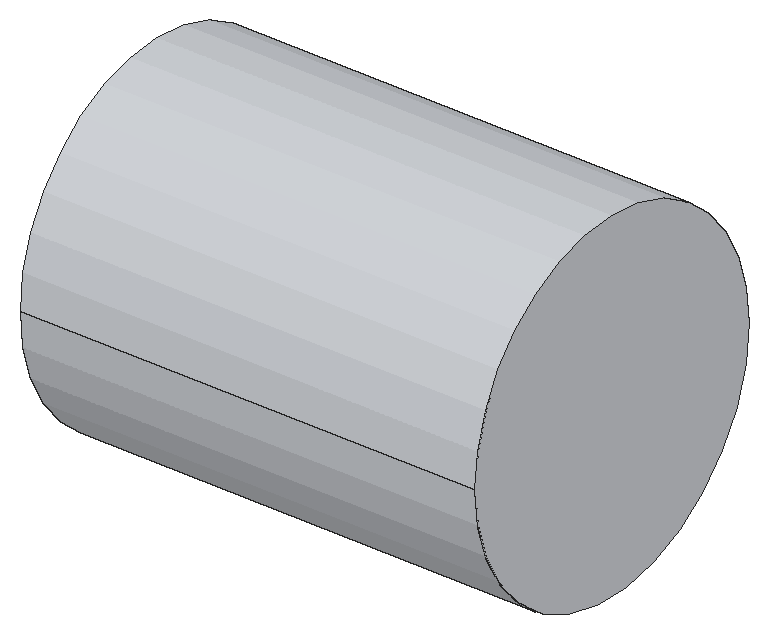
Revit family "M_Conexão de conduíte - PVC", category Conexões do conduite, Revit 2019
Family settings
  Cota do conector redondo = Usar raio
  Tipo de parte = União
  Número OmniClass = 23.80.30.17.11
  Título OmniClass = Conduits
  ID de item do Seek = Conduit Coupling - PVC-0000-CAN-ENU
  Com base no plano de trabalho = Não
  Sempre na vertical = Sim
  Corte com vazios quando carregada = Não
  Compartilhado = Não
Parameters (values of type "Padrão")
  Raio nominal [instance] = 8 mm
  Diâmetro nominal [instance] = Raio nominal * 2  # 16 mm
  Comprimento [instance] = size_lookup(Pesquisa de tamanho de conduite, "Lgt", 0.57 * Diâmetro nominal + 36.116 mm, Diâmetro nominal)  # 36.5 mm
  Raio externo da conexão [instance] = Diâmetro externo da conexão / 2  # 13.716 mm
  Diâmetro externo da conexão [instance] = size_lookup(Pesquisa de tamanho de conduite, "FOD", 1.14 * Diâmetro nominal + 12.7 mm, Diâmetro nominal)  # 27.432 mm
  Pesquisa de tamanho de conduite = "M_Conduit Coupling - PVC"
Reference planes
  plane 1 "Centro (Frente/Trás)": y = 0
  plane 2: z = 0
  plane 3 "Centro (Esquerda/Direita)": x = 0
  plane 4: x = 36.5
Forms (mm)
  Extrusion 1, solid, detail levels fine
    sketch origin (0, 0, 0) x (0, 1, 0) y (0, 0, 1)
      loop
        circle (0, 0) r 13.716
    from 0 to 36.5
Lines and regions (mm)
  model lines, detail levels coarse+medium
    curve 1: line (0, 0, 0) -> (36.5, 0, 0)
Dimensions and locks
  "Comprimento": plane 3 "Centro (Esquerda/Direita)" to plane 4
  "Raio externo da conexão": radius of Extrusion 1 sketch curve
  aligned and locked: plane 3 "Centro (Esquerda/Direita)" to curve 1
  aligned and locked: plane 4 to curve 1
  aligned and locked: plane 1 "Centro (Frente/Trás)" to curve 1
  aligned and locked: plane 1 "Centro (Frente/Trás)" to Extrusion 1 sketch curve
  aligned and locked: plane 2 to Extrusion 1 sketch curve
  aligned and locked: Extrusion 1 to plane 3 "Centro (Esquerda/Direita)"
  aligned and locked: plane 4 to Extrusion 1
Connectors
  cabletrayconduit at (0, 0, 0), diameter 16, driven by "Raio nominal"
    settings: on Extrusion 1, index 1, connector width 304.8 mm, connector height 304.8 mm, connector angle 0.00°, system type 32, placement type 0, profile type 0, connector reference index 2, is primary connector yes, connector utility param no, connector description ""
  cabletrayconduit at (36.5, 0, 0), diameter 16, driven by "Raio nominal"
    settings: on Extrusion 1, index 2, connector width 304.8 mm, connector height 304.8 mm, connector angle 0.00°, system type 32, placement type 0, profile type 0, connector reference index 1, is primary connector no, connector utility param no, connector description ""
